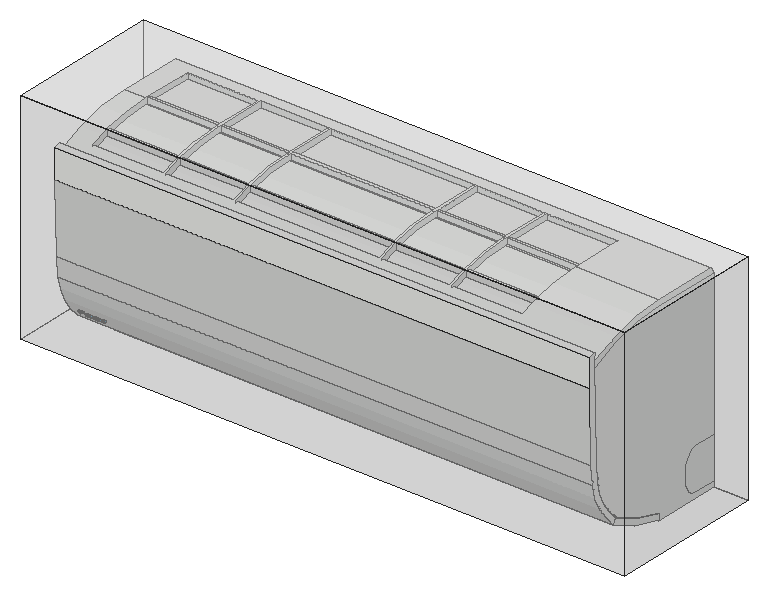
Revit family "outputfile", category 機械設備, Revit 2024
Family settings
  丸型コネクタ寸法 = 半径を使用
  パーツ タイプ = 標準
  OmniClass 番号 = 23.75.10.24.21.27.27
  OmniClass タイトル = Split System Air Conditioning Units
  作業面ベース = いいえ
  常に垂直 = はい
  ロード時にボイドで切り取り = いいえ
  注釈の向きを維持 = いいえ
  共有 = いいえ
  部屋計算ポイント = いいえ
Parameters (values of type "FTKQ20UVM4")
  Description = ""
  書き出し IFC クラス(タイプ) = "IfcUnitaryEquipmentType"
  定義済み IFC タイプ(タイプ) = "AIRCONDITIONINGUNIT"
  Cost = 0
  Type Comments = ""
  Keynote = ""
  Type Image = (empty or 0)
  Assembly Code = ""
  w_wall hole = if(Width = 770.0 mm, 48.0 mm, 60.0 mm)  # 48.0 mm
  製造元 = "Daikin"
  モデル = "FTKQ20UVM4"
  switch_frequency = yes
  r_Liquid Pipe Size = Liquid Pipe Size / 2  # 3.2 mm
  r_Gas Pipe Size = Gas Pipe Size / 2  # 4.75 mm
  r_Drain Pipe Size = Drain Pipe Size / 2  # 8.0 mm
  lw_powersupply [instance] = if(Width = 770.0 mm, if(or(Rear Right Connection_refrigerant, Bottom Right Connection_refrigerant), 25.0 mm, if(or(Rear Left Connection_refrigerant, Bottom Left Connection_refrigerant), 745.0 mm, 400.0 mm)), if(Width = 990.0 mm, if(or(Rear Right Connection_refrigerant, Bottom Right Connection_refrigerant), 40.0 mm, if(or(Rear Left Connection_refrigerant, Bottom Left Connection_refrigerant), 920.0 mm, 400.0 mm)), if(or(Rear Right Connection_refrigerant, Bottom Right Connection_refrigerant), 40.0 mm, if(or(Rear Left Connection_refrigerant, Bottom Left Connection_refrigerant), 920.0 mm, 400.0 mm))))  # 400.0 mm
  lw_liquidpipe [instance] = if(Width = 770.0 mm, if(or(Rear Right Connection_refrigerant, Bottom Right Connection_refrigerant), 0.0 mm, if(or(Rear Left Connection_refrigerant, Bottom Left Connection_refrigerant), 664.0 mm, 385.0 mm)), if(Width = 990.0 mm, if(or(Rear Right Connection_refrigerant, Bottom Right Connection_refrigerant), 0.0 mm, if(or(Rear Left Connection_refrigerant, Bottom Left Connection_refrigerant), 664.0 mm + (990.0 mm - 770.0 mm), 475.0 mm)), if(or(Rear Right Connection_refrigerant, Bottom Right Connection_refrigerant), 0.0 mm, if(or(Rear Left Connection_refrigerant, Bottom Left Connection_refrigerant), 664.0 mm + (990.0 mm - 770.0 mm), 475.0 mm))))  # 385.0 mm
  lw_gaspipe [instance] = if(Width = 770.0 mm, if(or(Rear Right Connection_refrigerant, Bottom Right Connection_refrigerant), 0.0 mm, if(or(Rear Left Connection_refrigerant, Bottom Left Connection_refrigerant), 675.0 mm, if(Gas Pipe Size = 12.7 mm, 345.0 mm, 335.0 mm))), if(Width = 990.0 mm, if(or(Rear Right Connection_refrigerant, Bottom Right Connection_refrigerant), 10.0 mm, if(or(Rear Left Connection_refrigerant, Bottom Left Connection_refrigerant), 890.0 mm, if(Gas Pipe Size = 15.9 mm, 400.0 mm, 400.0 mm))), if(or(Rear Right Connection_refrigerant, Bottom Right Connection_refrigerant), 10.0 mm, if(or(Rear Left Connection_refrigerant, Bottom Left Connection_refrigerant), 890.0 mm, if(Gas Pipe Size = 15.9 mm, 400.0 mm, 400.0 mm)))))  # 335.0 mm
  lw_drainpipe [instance] = if(Width = 770.0 mm, if(or(Rear Right Connection_refrigerant, Bottom Right Connection_refrigerant), 0.0 mm, if(or(Rear Left Connection_refrigerant, Bottom Left Connection_refrigerant), 770.0 mm - 48.0 mm - 48.0 mm, 440.0 mm)), if(Width = 990.0 mm, if(or(Rear Right Connection_refrigerant, Bottom Right Connection_refrigerant), 0.0 mm, if(or(Rear Left Connection_refrigerant, Bottom Left Connection_refrigerant), 675.0 mm + (990.0 mm - 770.0 mm), 435.0 mm)), if(or(Rear Right Connection_refrigerant, Bottom Right Connection_refrigerant), 0.0 mm, if(or(Rear Left Connection_refrigerant, Bottom Left Connection_refrigerant), 675.0 mm + (990.0 mm - 770.0 mm), 435.0 mm))))  # 440.0 mm
  l_powersupply_length [instance] = if(Width = 770.0 mm, if(Right Connection_refrigerant, 400.0 mm, if(Left Connection_refrigerant, 770.0 mm - 400.0 mm, if(or(Rear Left Connection_refrigerant, Rear Right Connection_refrigerant), 15.0 mm, 50.0 mm))), if(Width = 990.0 mm, if(Right Connection_refrigerant, 400.0 mm, if(Left Connection_refrigerant, 990.0 mm - 400.0 mm, if(or(Rear Left Connection_refrigerant, Rear Right Connection_refrigerant), 15.0 mm, 50.0 mm))), if(Right Connection_refrigerant, 400.0 mm, if(Left Connection_refrigerant, 990.0 mm - 400.0 mm, if(or(Rear Left Connection_refrigerant, Rear Right Connection_refrigerant), 15.0 mm, 50.0 mm)))))  # 400.0 mm
  l_liquidpipe_length [instance] = if(Width = 770.0 mm, if(Right Connection_refrigerant, 433.0 mm, if(Left Connection_refrigerant, 337.0 mm, if(or(Rear Left Connection_refrigerant, Rear Right Connection_refrigerant), 30.0 mm, 50.0 mm))), if(Width = 990.0 mm, if(Right Connection_refrigerant, 535.0 mm, if(Left Connection_refrigerant, 455.0 mm, if(or(Rear Left Connection_refrigerant, Rear Right Connection_refrigerant), 30.0 mm, 50.0 mm))), if(Right Connection_refrigerant, 535.0 mm, if(Left Connection_refrigerant, 455.0 mm, if(or(Rear Left Connection_refrigerant, Rear Right Connection_refrigerant), 30.0 mm, 50.0 mm)))))  # 433.0 mm
  l_gaspipe_length [instance] = if(Width = 770.0 mm, if(Right Connection_refrigerant, if(Gas Pipe Size = 12.7 mm, 393.0 mm, 383.0 mm), if(Left Connection_refrigerant, if(Gas Pipe Size = 12.7 mm, 770.0 mm - 393.0 mm, 770.0 mm - 383.0 mm), if(or(Rear Left Connection_refrigerant, Rear Right Connection_refrigerant), 40.0 mm, 40.0 mm))), if(Width = 990.0 mm, if(Right Connection_refrigerant, if(Gas Pipe Size = 15.9 mm, 460.0 mm, 460.0 mm), if(Left Connection_refrigerant, if(Gas Pipe Size = 15.9 mm, 990.0 mm - 460.0 mm, 990.0 mm - 460.0 mm), if(or(Rear Left Connection_refrigerant, Rear Right Connection_refrigerant), 40.0 mm, 40.0 mm))), if(Right Connection_refrigerant, if(Gas Pipe Size = 15.9 mm, 460.0 mm, 460.0 mm), if(Left Connection_refrigerant, if(Gas Pipe Size = 15.9 mm, 990.0 mm - 460.0 mm, 990.0 mm - 460.0 mm), if(or(Rear Left Connection_refrigerant, Rear Right Connection_refrigerant), 40.0 mm, 40.0 mm)))))  # 383.0 mm
  l_drainpipe_length [instance] = if(Width = 770.0 mm, if(Right Connection_refrigerant, 488.0 mm, if(Left Connection_refrigerant, 282.0 mm, if(or(Rear Left Connection_refrigerant, Rear Right Connection_refrigerant), 15.0 mm, 20.0 mm))), if(Width = 990.0 mm, if(Right Connection_refrigerant, 495.0 mm, if(Left Connection_refrigerant, 495.0 mm, if(or(Rear Left Connection_refrigerant, Rear Right Connection_refrigerant), 15.0 mm, 20.0 mm))), if(Right Connection_refrigerant, 495.0 mm, if(Left Connection_refrigerant, 495.0 mm, if(or(Rear Left Connection_refrigerant, Rear Right Connection_refrigerant), 15.0 mm, 20.0 mm)))))  # 488.0 mm
  h*** = 0.0 mm  # constant formula
  connector_voltage = Voltage_50Hz  # 230 V
  connector_powerinput = [Power Input (Cooling)]  # 0.000 kW
  connector_phase = Phase_50Hz  # 1
  angle_vertical [instance] = if(or(Bottom Left Connection_refrigerant, Bottom Right Connection_refrigerant), 0.00°, 90.00°)  # 90.00°
  angle_horizontal [instance] = if(Right Connection_refrigerant, 90.00°, if(Left Connection_refrigerant, -90.00°, if(or(Rear Left Connection_refrigerant, Rear Right Connection_refrigerant), 180.00°, 0.00°)))  # 90.00°
  Width = 770.0 mm
  Voltage_comment_50Hz = "220 - 240"
  Voltage_50Hz = 230 V
  Version = "ver.1.0"
  Unit Type = "Wall Mounted"
  Unit Mass Weight = 8.00 kg
  Unit Designation [instance] = ""
  Uniclass2015Version = "Products v1.30"
  Uniclass2015Title = "Split coil room air conditioning units"
  Uniclass2015Code = "Pr_70_65_03_86"
  URL = ""
  Total Cooling Capacity [instance] = 0.000 kW
  Sound Pressure Level_M speed (dBA) = 32
  Sound Pressure Level_L speed (dBA) = 27
  Sound Pressure Level_H speed (dBA) = 36
  Sound Power Level_H speed (dB) = 0
  Series = "Single Split_Fan Coil Unit"
  Sensible Cooling Capacity [instance] = 0.000 kW
  Refrigerant Type = "R32"
  Power Input (Cooling) = 0.000 kW
  Phase_50Hz = 1
  Option Accessory 3 [instance] = ""
  Option Accessory 2 [instance] = ""
  Option Accessory 1 [instance] = ""
  Nominal Cooling Capacity = 2.000 kW
  Minimum Circuit Amps_50Hz = 0.0 A
  Minimum Airflow = 426.00 m³/h
  Median Airflow = 504.00 m³/h
  Maximum Fuse Amps_50Hz = 0.0 A
  Maximum Airflow = 594.00 m³/h
  Material_Casing = DAIKIN_White_Casing_indoorunit
  Load Classification = HVAC
  Liquid Pipe Size = 6.4 mm
  Link_Nested Family [instance] = ""
  IfcVersion = ""
  IfcExportType = "AIRCONDITIONINGUNIT"
  IfcExportAs = "IfcUnitaryEquipmentType"
  Height = 285.0 mm
  Heat Exchanger Type = "Cross Fin Coil"
  Gas Pipe Size = 9.5 mm
  Frequency_50Hz = 50 Hz
  Fan Type = "Cross Flow Fan"
  Fan Drive = "Direct Drive"
  FCU Tag No. [instance] = ""
  Drain Pipe Size = 16.0 mm
  Design Supply Airflow [instance] = 0.00 m³/h
  Depth = 223.0 mm
  既定の高さ = 0.0 mm
  Cooling Entering Wet Bulb Temperature [instance] = 0.00 °C
  Cooling Entering Dry Bulb Temperature [instance] = 0.00 °C
  Cooling Ambient Wet Bulb Temperature [instance] = 0.00 °C
  Cooling Ambient Dry Bulb Temperature [instance] = 0.00 °C
  Clearance visibility [instance] = yes
  Clearance Top = 30.0 mm
  Clearance Right = 50.0 mm
  Clearance Rear = 0.0 mm
  Clearance Left = 50.0 mm
  Clearance Front = 0.0 mm
  Clearance Bottom = 0.0 mm
  Bottom Right Connection_refrigerant [instance] = no
  Bottom Left Connection_refrigerant [instance] = no
  Rear Right Connection_refrigerant [instance] = no
  Rear Left Connection_refrigerant [instance] = no
  Right Connection_refrigerant [instance] = yes
  Left Connection_refrigerant [instance] = no
Reference planes
  plane 1 "Back": y = 0
  plane 2: z = 0
  plane 3 "Center (Left/Right)": x = 0
  plane 4 "Center (Front/Back)": y = -111.5
  plane 5 "Front": y = -223
  plane 6 "Left": x = -385
  plane 7 "Right": x = 385
  plane 8 "Top": z = 0
  plane 9 "Bottom": z = -285
  plane 10: x = -435
  plane 11: x = 435
  plane 12: y = 0
  plane 13: y = -223
  plane 14: z = 30
  plane 15: z = -285
  plane 16 "lw_Piping and Wiring intake": x = 337
  plane 17 "lw_gaspipe": x = 2
  plane 18 "lw_liquidpipe": x = -48
  plane 19 "lw_drainpipe": x = -103
  plane 20 "lh_drainpipe": z = -265
  plane 21 "lh_liquidpipe": z = -235
  plane 22 "lh_gaspipe": z = -245
  plane 23 "ld_drainpipe": y = -15
  plane 24 "ld_liquidpipe": y = -30
  plane 25 "ld_gaspipe": y = -40
  plane 26 "lw_powersupply": x = -15
Dimensions and locks
  equal spacing: plane 6 "Left", plane 3 "Center (Left/Right)", plane 7 "Right"
  "Width": plane 6 "Left" to plane 7 "Right"
  equal spacing: plane 5 "Front", plane 4 "Center (Front/Back)", plane 1 "Back"
  "Depth": plane 5 "Front" to plane 1 "Back"
  "Height": plane 8 "Top" to plane 9 "Bottom"
  "Clearance Rear": plane 12 to plane 1 "Back"
  "Clearance Front": plane 13 to plane 5 "Front"
  "Clearance Top": plane 14 to plane 8 "Top"
  "Clearance Bottom": plane 9 "Bottom" to plane 15
  "w_wall hole": plane 16 "lw_Piping and Wiring intake" to plane 7 "Right"
  "lw_gaspipe": plane 17 "lw_gaspipe" to plane 16 "lw_Piping and Wiring intake"
  "lw_liquidpipe": plane 18 "lw_liquidpipe" to plane 16 "lw_Piping and Wiring intake"
  "lw_drainpipe": plane 19 "lw_drainpipe" to plane 16 "lw_Piping and Wiring intake"
  locked: plane 20 "lh_drainpipe" to plane 9 "Bottom" at 20
  locked: plane 21 "lh_liquidpipe" to plane 9 "Bottom" at 50
  locked: plane 22 "lh_gaspipe" to plane 9 "Bottom" at 40
  locked: plane 23 "ld_drainpipe" to plane 1 "Back" at 15
  locked: plane 1 "Back" to plane 24 "ld_liquidpipe" at 30
  locked: plane 1 "Back" to plane 25 "ld_gaspipe" at 40
  "lw_powersupply": plane 26 "lw_powersupply" to plane 7 "Right"
  "Clearance Left": plane 10 to plane 6 "Left"
  "Clearance Right": plane 7 "Right" to plane 11
  aligned and locked: level to plane 2
  aligned and locked: plane 12 to nested 1
  aligned and locked: nested 1 to plane 13
  aligned and locked: plane 10 to nested 1
  aligned and locked: plane 11 to nested 1
  aligned and locked: plane 15 to nested 1
  aligned and locked: plane 14 to nested 1
  aligned and locked: plane 17 "lw_gaspipe" to nested 2
  aligned and locked: nested 2 to plane 25 "ld_gaspipe"
  aligned and locked: plane 18 "lw_liquidpipe" to nested 3
  aligned and locked: nested 3 to plane 24 "ld_liquidpipe"
  aligned and locked: plane 19 "lw_drainpipe" to nested 4
  aligned and locked: nested 4 to plane 23 "ld_drainpipe"
  aligned and locked: nested 5 to plane 23 "ld_drainpipe"
  aligned and locked: plane 26 "lw_powersupply" to nested 5
  aligned and locked: level to plane 8 "Top"
  aligned and locked: plane 3 "Center (Left/Right)" to nested 6
  aligned and locked: plane 1 "Back" to nested 6
  aligned and locked: plane 8 "Top" to nested 6
Nested families
  nested 1: "daikin_clearancespace" at (0, -111.5, -127.381), show <- "Clearance visibility", visible <- "Clearance visibility", Link_Nested Family <- "Link_Nested Family", type "daikin_clearancespace"
    with width 870.0 mm, show yes, height 315.0 mm, depth 223.0 mm, Link_Nested Family ""
  nested 2: "daikin_connector_rotate3" at (2, -40, -245), angle_vertical <- "angle_vertical", angle_horizontal <- "angle_horizontal", length <- "l_gaspipe_length", radius <- "r_Gas Pipe Size", type "daikin_connector_rotate3"
    with show no, radius 4.75 mm, length 383.0 mm, angle_vertical 90.00°, angle_horizontal 90.00°
  nested 3: "daikin_connector_rotate3" at (-48, -30, -235), angle_vertical <- "angle_vertical", angle_horizontal <- "angle_horizontal", radius <- "r_Liquid Pipe Size", length <- "l_liquidpipe_length", type "daikin_connector_rotate3"
    with show no, radius 3.2 mm, length 433.0 mm, angle_vertical 90.00°, angle_horizontal 90.00°
  nested 4: "daikin_connector_rotate3" at (-103, -15, -265), angle_vertical <- "angle_vertical", angle_horizontal <- "angle_horizontal", length <- "l_drainpipe_length", radius <- "r_Drain Pipe Size", type "daikin_connector_rotate3"
    with show no, radius 8.0 mm, length 488.0 mm, angle_vertical 90.00°, angle_horizontal 90.00°
  nested 5: "daikin_connector_rotate3" at (-15, -15, -235), angle_vertical <- "angle_vertical", angle_horizontal <- "angle_horizontal", length <- "l_powersupply_length", type "daikin_connector_rotate3"
    with show no, radius 10.0 mm, length 400.0 mm, angle_vertical 90.00°, angle_horizontal 90.00°
  nested 6: "DAIKIN_indoorunit_FTKQ-UVM4" at (-31, 0, 0), type "FTKQ-UVM4"
Connectors
  piping at (385, -40, -245), diameter 9.5, driven by "r_Gas Pipe Size"
    settings: on nested 2, index 1, connector inside diameter 609.6 mm, connector length 0.0 mm, flow factor 0, pipe flow 0.00 m³/h, pressure drop 0.0 Pa, fitting loss kfactor 0, connector angle 0.00°, fixture units 0, engagement length 0.0 mm, angle of deflection 0.00°, flow configuration 1, flow direction 2, fitting loss method 0, system type 29, joint type 0, gender type 0, connector reference index -1, connector utility 0, adjustable connector no, is connector primary yes, connector description "Refrigerant Gas Piping"
  piping at (385, -30, -235), diameter 6.4, driven by "r_Liquid Pipe Size"
    settings: on nested 3, index 2, connector inside diameter 609.6 mm, connector length 0.0 mm, flow factor 0, pipe flow 0.00 m³/h, pressure drop 0.0 Pa, fitting loss kfactor 0, connector angle 0.00°, fixture units 0, engagement length 0.0 mm, angle of deflection 0.00°, flow configuration 1, flow direction 1, fitting loss method 0, system type 29, joint type 0, gender type 0, connector reference index -1, connector utility 0, adjustable connector no, is connector primary no, connector description "Refrigerant Liquid Piping"
  piping at (385, -15, -265), diameter 16, driven by "r_Drain Pipe Size"
    settings: on nested 4, index 3, connector inside diameter 609.6 mm, connector length 0.0 mm, flow factor 0, pipe flow 0.00 m³/h, pressure drop 0.0 Pa, fitting loss kfactor 0, connector angle 0.00°, fixture units 0, engagement length 0.0 mm, angle of deflection 0.00°, flow configuration 1, flow direction 2, fitting loss method 4, system type 16, joint type 0, gender type 0, connector reference index -1, connector utility 0, adjustable connector no, is connector primary no, connector description "Condensate Drain Piping"
  electrical at (385, -15, -235), driven by "Load Classification", driven by "connector_powerinput", driven by "connector_phase", driven by "connector_voltage"
    settings: on nested 5, index 4, voltage 230 V, apparent load 0 VA, apparent load phase1 0 VA, apparent load phase2 0 VA, apparent load phase3 0 VA, power factor 1, load classification "HVAC", number of poles 1, system type 30, power factor state 1, is connector primary yes, connector utility no, sub classification motor no, connector description "Power Supply"
Definition of nested family "daikin_clearancespace"
  Parameters (values of type "daikin_clearancespace")
    Description = "daikin_clearancespace"
    width [instance] = 1823.963 mm
    show [instance] = yes
    material = none
    height [instance] = 1359.762 mm
    depth [instance] = 880.0 mm
    Default Elevation = 0.0 mm
    Link_Nested Family [instance] = ""
  Reference planes
    plane 1 "Center (Front/Back)": y = 0
    plane 2 "Center (Elevation)": z = -0.119
    plane 3 "Center (Left/Right)": x = 0
    plane 4: y = 440
    plane 5: y = -440
    plane 6 "Right": x = 911.982
    plane 7 "Left": x = -911.982
    plane 8 "Top": z = 679.762
    plane 9 "Bottom": z = -680
  Forms (mm)
    Extrusion 1, solid, material <- "material", visible <- "show"
      sketch origin (0, 0, 0) x (1, 0, 0) y (0, 1, 0)
        loop
          line (-911.982, 440) -> (-911.982, -440) -> (911.982, -440) -> (911.982, 440) -> (-911.982, 440)
      from -680 to 679.762
  Lines and regions (mm)
    symbolic lines, visible <- "show"
      curve 1: line (911.982, 440, 0) -> (-911.982, 440, 0)
      curve 2: line (-911.982, 440, 0) -> (-911.982, -440, 0)
      curve 3: line (-911.982, -440, 0) -> (911.982, -440, 0)
      curve 4: line (911.982, -440, 0) -> (911.982, 440, 0)
      curve 5: line (911.982, 0, 679.762) -> (-911.982, 0, 679.762)
      curve 6: line (911.982, 0, -680) -> (911.982, 0, 679.762)
      curve 7: line (-911.982, 0, -680) -> (911.982, 0, -680)
      curve 8: line (-911.982, 0, 679.762) -> (-911.982, 0, -680)
      curve 9: line (0, 440, 679.762) -> (0, -440, 679.762)
      curve 10: line (0, -440, 679.762) -> (0, -440, -680)
      curve 11: line (0, 440, -680) -> (0, 440, 679.762)
      curve 12: line (0, -440, -680) -> (0, 440, -680)
  Dimensions and locks
    "width": plane 7 "Left" to plane 6 "Right"
    "depth": plane 4 to plane 5
    "height": plane 8 "Top" to plane 9 "Bottom"
    equal spacing: plane 7 "Left", plane 3 "Center (Left/Right)", plane 6 "Right"
    equal spacing: plane 4, plane 1 "Center (Front/Back)", plane 5
    equal spacing: plane 8 "Top", plane 2 "Center (Elevation)", plane 9 "Bottom"
    aligned and locked: level to plane 2 "Center (Elevation)"
    aligned and locked: Extrusion 1 sketch curve to plane 4
    aligned and locked: plane 7 "Left" to Extrusion 1 sketch curve
    aligned and locked: Extrusion 1 sketch curve to plane 5
    aligned and locked: Extrusion 1 sketch curve to plane 6 "Right"
    aligned and locked: plane 8 "Top" to Extrusion 1
    aligned and locked: curve 1 to Extrusion 1
    aligned and locked: curve 2 to Extrusion 1
    aligned and locked: curve 3 to Extrusion 1
    aligned and locked: curve 4 to Extrusion 1
    aligned and locked: curve 5 to Extrusion 1
    aligned and locked: curve 6 to Extrusion 1
    aligned and locked: curve 7 to Extrusion 1
    aligned and locked: curve 8 to Extrusion 1
    aligned and locked: curve 9 to Extrusion 1
    aligned and locked: curve 10 to Extrusion 1
    aligned and locked: curve 11 to Extrusion 1
    aligned and locked: curve 12 to Extrusion 1
    aligned and locked: Extrusion 1 to plane 9 "Bottom"
Definition of nested family "DAIKIN_indoorunit_FTKQ-UVM4"
  Parameters (values of type "FTKQ-UVM4")
    Material_Casing = none
    Default Elevation = 0.0 mm
  Reference planes
    plane 1 "Center (Front/Back)": y = 0
    plane 2 "reference_level": z = 0
    plane 3 "Center (Left/Right)": x = 31
    plane 4: x = -354
    plane 5: x = 416
    plane 6: z = -285
  Forms (mm)
    Extrusion 1, solid, material <- "Material_Casing"
      sketch origin (29, 0, 0) x (0, 1, 0) y (0, 0, 1)
        loop
          line (-5, 0) -> (-98, 0)
          arc (-98, 0) -> (-157.611, -7.211) -> (-213.783, -28.427) r 250
          arc (-213.783, -28.427) -> (-213.842, -32.972) -> (-213.892, -37.516) r 2191
          arc (-213.892, -37.516) -> (-157.832, -15.495) -> (-98.07, -8) r 242
          line (-98.07, -8) -> (0, -8) -> (-5, 0)
      from -383 to 387
    Extrusion 2, solid, material <- "Material_Casing"
      sketch origin (416, 1296.25, 1200) x (0, 1, 0) y (0, 0, 1)
        loop
          line (-1472.998, -1446.91) -> (-1476.998, -1453.839)
          arc (-1476.998, -1453.839) -> (-1437.481, -1472.422) -> (-1395.25, -1483.538) r 240
          line (-1395.25, -1483.538) -> (-1395.25, -1475.422)
          arc (-1395.25, -1475.422) -> (-1435.407, -1464.663) -> (-1472.998, -1446.91) r 232
      from 0 to -47.5
    Extrusion 3, solid, material <- "Material_Casing"
      sketch origin (29, 0, 0) x (0, 1, 0) y (0, 0, 1)
        loop
          arc (-223, -60.455) -> (-222.414, -110.646) -> (-220.656, -160.81) r 2149.92
          arc (-220.656, -160.81) -> (-219.65, -174.299) -> (-217.853, -187.706) r 229.911
          arc (-217.853, -187.706) -> (-205.371, -223.594) -> (-181.517, -253.17) r 111
          line (-181.517, -253.17) -> (-177.429, -246.093)
          arc (-177.429, -246.093) -> (-198.77, -218.989) -> (-209.965, -186.36) r 103
          arc (-209.965, -186.36) -> (-211.681, -173.586) -> (-212.651, -160.735) r 221.844
          arc (-212.651, -160.735) -> (-214.739, -93.233) -> (-214.74, -25.699) r 2186.828
          arc (-214.74, -25.699) -> (-214.671, -21.467) -> (-214.594, -17.235) r 2192
          line (-214.594, -17.235) -> (-223, -19.961) -> (-223, -60.455)
      from -383 to 387
    Extrusion 4, solid, material <- "Material_Casing"
      sketch origin (29, 0, -20) x (0, 1, 0) y (0, 0, 1)
        loop
          line (0, -265) -> (0, 12) -> (-98.07, 12)
          arc (-98.07, 12) -> (-157.832, 4.505) -> (-213.892, -17.516) r 242
          arc (-213.892, -17.516) -> (-213.638, -79.114) -> (-211.653, -140.681) r 2191
          arc (-211.653, -140.681) -> (-210.685, -153.501) -> (-208.973, -166.243) r 221
          arc (-208.973, -166.243) -> (-197.471, -199.282) -> (-175.482, -226.491) r 102
          arc (-175.482, -226.491) -> (-138.004, -244.019) -> (-98, -254.579) r 231
          line (-98, -254.579) -> (-98, -265) -> (0, -265)
      from -383 to 387
    Extrusion 5, solid, material <- "Material_Casing"
      sketch origin (-354, 1296.25, 1200) x (0, 1, 0) y (0, 0, 1)
        loop
          line (-1472.998, -1446.91) -> (-1476.998, -1453.839)
          arc (-1476.998, -1453.839) -> (-1437.481, -1472.422) -> (-1395.25, -1483.538) r 240
          line (-1395.25, -1483.538) -> (-1395.25, -1475.422)
          arc (-1395.25, -1475.422) -> (-1435.407, -1464.663) -> (-1472.998, -1446.91) r 232
      from 47 to 0
    Extrusion 6, solid, material <- "Material_Casing"
      sketch origin (416, 1296.25, 1200) x (0, 1, 0) y (0, 0, 1)
        loop
          line (-1472.998, -1446.91) -> (-1476.998, -1453.839)
          arc (-1476.998, -1453.839) -> (-1443.437, -1470.168) -> (-1407.75, -1481.097) r 240
          line (-1407.75, -1481.097) -> (-1407.75, -1472.894)
          arc (-1407.75, -1472.894) -> (-1441.363, -1462.385) -> (-1472.998, -1446.91) r 232
      from -116.993 to -48.493
    Extrusion 7, solid, material <- "Material_Casing"
      sketch origin (416, 1296.25, 1200) x (0, 1, 0) y (0, 0, 1)
        loop
          line (-1472.998, -1446.91) -> (-1476.998, -1453.839)
          arc (-1476.998, -1453.839) -> (-1443.437, -1470.168) -> (-1407.75, -1481.097) r 240
          line (-1407.75, -1481.097) -> (-1407.75, -1472.894)
          arc (-1407.75, -1472.894) -> (-1441.363, -1462.385) -> (-1472.998, -1446.91) r 232
      from -717 to -121.993
    Extrusion 8, void
      sketch origin (31, 0, -235) x (1, 0, 0) y (0, 1, 0)
        loop
          line (-252.674, -22.316) -> (-354.941, -22.316) -> (-354.941, -91.341) -> (-252.674, -91.341) -> (-252.674, -22.316)
        loop
          line (-249.341, -91.341) -> (-151.574, -91.341) -> (-151.574, -22.316) -> (-249.341, -22.316) -> (-249.341, -91.341)
        loop
          line (58.309, -22.316) -> (-148.309, -22.316) -> (-148.309, -91.341) -> (58.309, -91.341) -> (58.309, -22.316)
        loop
          line (61.689, -22.316) -> (61.689, -91.341) -> (159.457, -91.341) -> (159.457, -22.316) -> (61.689, -22.316)
        loop
          line (162.789, -22.316) -> (162.789, -91.341) -> (265.057, -91.341) -> (265.057, -22.316) -> (162.789, -22.316)
        loop
          line (-354.941, -94.659) -> (-354.941, -165.259) -> (-252.674, -165.259) -> (-252.674, -94.659) -> (-354.941, -94.659)
        loop
          line (-249.341, -94.659) -> (-249.341, -165.259) -> (-151.574, -165.259) -> (-151.574, -94.659) -> (-249.341, -94.659)
        loop
          line (-148.309, -94.659) -> (-148.309, -165.259) -> (58.309, -165.259) -> (58.309, -94.659) -> (-148.309, -94.659)
        loop
          line (61.689, -94.659) -> (61.689, -165.259) -> (159.457, -165.259) -> (159.457, -94.659) -> (61.689, -94.659)
        loop
          line (162.789, -94.659) -> (162.789, -165.259) -> (265.057, -165.259) -> (265.057, -94.659) -> (162.789, -94.659)
        loop
          line (-354.941, -167.382) -> (-354.941, -192.681) -> (-252.674, -192.681) -> (-252.674, -167.382) -> (-354.941, -167.382)
        loop
          line (-249.341, -167.382) -> (-249.341, -192.681) -> (-151.574, -192.681) -> (-151.574, -167.382) -> (-249.341, -167.382)
        loop
          line (-148.309, -167.382) -> (-148.309, -192.681) -> (58.309, -192.681) -> (58.309, -167.382) -> (-148.309, -167.382)
        loop
          line (159.457, -167.382) -> (61.689, -167.382) -> (61.689, -192.681) -> (159.457, -192.681) -> (159.457, -167.382)
        loop
          line (265.057, -167.382) -> (162.789, -167.382) -> (162.789, -192.681) -> (265.057, -192.681) -> (265.057, -167.382)
      from 201.638 to 250
    Extrusion 9, solid, material <- "Material_Casing"
      sketch origin (31, 0, 0) x (1, 0, 0) y (0, 0, 1)
        loop
          circle (337, -240.5) r 32.5
        loop
          circle (-337, -240.5) r 32.5
      from 0 to 5
    Extrusion 10, solid, material <- "Material_Casing"
      sketch origin (416, 1296.25, 1200) x (0, -1, 0) y (0, 0, 1)
        loop
          line (1326.25, -1417) -> (1296.25, -1417) -> (1296.25, -1477) -> (1326.25, -1477)
          arc (1326.25, -1477) -> (1340.393, -1471.142) -> (1346.25, -1457) r 20
          line (1346.25, -1457) -> (1346.25, -1437)
          arc (1346.25, -1437) -> (1340.393, -1422.858) -> (1326.25, -1417) r 20
      from 0 to 5
    Extrusion 11, solid, material <- "Material_Casing"
      sketch origin (-354, 1296.25, 1200) x (0, 1, 0) y (0, 0, 1)
        loop
          line (-1296.25, -1417) -> (-1326.25, -1417)
          arc (-1326.25, -1417) -> (-1340.393, -1422.858) -> (-1346.25, -1437) r 20
          line (-1346.25, -1437) -> (-1346.25, -1457)
          arc (-1346.25, -1457) -> (-1340.393, -1471.142) -> (-1326.25, -1477) r 20
          line (-1326.25, -1477) -> (-1296.25, -1477) -> (-1296.25, -1417)
      from 0 to 5
    Extrusion 12, solid, material <- "Material_Casing"
      sketch origin (31, 0, -285) x (-1, 0, 0) y (0, -1, 0)
        loop
          line (-314, 0) -> (-314, 30)
          arc (-314, 30) -> (-319.858, 44.142) -> (-334, 50) r 20
          line (-334, 50) -> (-354, 50)
          arc (-354, 50) -> (-368.142, 44.142) -> (-374, 30) r 20
          line (-374, 30) -> (-374, 0) -> (-314, 0)
        loop
          line (374, 0) -> (374, 30)
          arc (374, 30) -> (368.142, 44.142) -> (354, 50) r 20
          line (354, 50) -> (334, 50)
          arc (334, 50) -> (319.858, 44.142) -> (314, 30) r 20
          line (314, 30) -> (314, 0) -> (374, 0)
      from 0 to 5
  Cuts and joins
    Extrusion 8 cuts Extrusion 1
  Lines and regions (mm)
    reference lines
      curve 1: line (-523, -201.911, -229.404) -> (-523, -193.542, -239.977)
  Dimensions and locks
    locked: Extrusion 10 sketch curve to Extrusion 10 sketch curve at 60
    locked: Extrusion 10 sketch curve to Extrusion 10 sketch curve at 50
    locked: Extrusion 12 sketch curve to Extrusion 12 sketch curve at 60  (x2)
    locked: Extrusion 12 sketch curve to Extrusion 12 sketch curve at 50
    equal spacing: plane 5, plane 3 "Center (Left/Right)", plane 4
    plane 5 to plane 4 = 770.0 mm
    locked: Extrusion 9 sketch curve to plane 4 at 48
    plane 5 to Extrusion 9 sketch curve = 48.0 mm
    plane 2 "reference_level" to plane 6 = 285.0 mm
    locked: Extrusion 9 sketch curve to plane 6 at 44.5  (x2)
    diameter of Extrusion 9 sketch curve = 65.0 mm  (x2)
    aligned and locked: level to plane 2 "reference_level"
    aligned and locked: nested 1 to curve 1
    aligned and locked: Extrusion 11 sketch curve to Extrusion 10  (x4)
    aligned and locked: Extrusion 12 sketch curve to Extrusion 12 sketch curve  (x2)
    aligned and locked: Extrusion 9 to plane 1 "Center (Front/Back)"
  Automatic sketch dimensions
    curve 1 to level = 239.977 mm
    plane 1 "Center (Front/Back)" to curve 1 = 193.542 mm
    curve 1 to curve 1 = 10.573 mm
    curve 1 to curve 1 = 8.368 mm
    Extrusion 1 sketch curve to level = 0.0 mm
    Extrusion 1 sketch curve to plane 1 "Center (Front/Back)" = 0.0 mm
    plane 1 "Center (Front/Back)" to Extrusion 1 sketch curve = 5.0 mm
    plane 1 "Center (Front/Back)" to Extrusion 1 sketch curve = 98.0 mm
    Extrusion 1 sketch curve to Extrusion 1 sketch curve = 0.07 mm
    Extrusion 1 sketch curve to level = 59.292 mm
    Extrusion 1 sketch curve to plane 1 "Center (Front/Back)" = 1977.0 mm
    Extrusion 1 sketch curve to level = 250.0 mm
    Extrusion 1 sketch curve to Extrusion 1 sketch curve = 0.0 mm
    Extrusion 1 sketch curve to level = 8.0 mm
    Extrusion 1 sketch curve to level = 28.427 mm
    plane 1 "Center (Front/Back)" to Extrusion 2 sketch curve = 180.748 mm
    Extrusion 2 sketch curve to Extrusion 2 sketch curve = 4.0 mm
    Extrusion 2 sketch curve to Extrusion 2 sketch curve = 77.747 mm
    plane 1 "Center (Front/Back)" to Extrusion 2 sketch curve = 59.279 mm
    Extrusion 2 sketch curve to Extrusion 2 sketch curve = 0.0 mm
    Extrusion 2 sketch curve to level = 283.538 mm
    Extrusion 2 sketch curve to Extrusion 2 sketch curve = 8.116 mm
    Extrusion 2 sketch curve to Extrusion 2 sketch curve = 21.583 mm
    Extrusion 2 sketch curve to Extrusion 2 sketch curve = 6.929 mm
    Extrusion 3 sketch curve to level = 19.961 mm
    plane 1 "Center (Front/Back)" to Extrusion 3 sketch curve = 223.0 mm
    Extrusion 3 sketch curve to level = 17.235 mm
    Extrusion 3 sketch curve to Extrusion 3 sketch curve = 8.406 mm
    plane 1 "Center (Front/Back)" to Extrusion 3 sketch curve = 181.517 mm
    Extrusion 3 sketch curve to Extrusion 3 sketch curve = 4.087 mm
    Extrusion 3 sketch curve to Extrusion 3 sketch curve = 69.11 mm
    Extrusion 3 sketch curve to Extrusion 3 sketch curve = 0.001 mm
    Extrusion 3 sketch curve to plane 1 "Center (Front/Back)" = 8.955 mm
    Extrusion 3 sketch curve to Extrusion 3 sketch curve = 0.067 mm
    Extrusion 3 sketch curve to level = 60.455 mm
    Extrusion 3 sketch curve to Extrusion 3 sketch curve = 1917.898 mm
    Extrusion 3 sketch curve to Extrusion 3 sketch curve = 44.907 mm
    Extrusion 3 sketch curve to Extrusion 3 sketch curve = 5.172 mm
    Extrusion 3 sketch curve to level = 150.456 mm
    Extrusion 3 sketch curve to Extrusion 3 sketch curve = 0.006 mm
    Extrusion 3 sketch curve to Extrusion 3 sketch curve = 19.265 mm
    Extrusion 3 sketch curve to Extrusion 3 sketch curve = 0.004 mm
    Extrusion 3 sketch curve to Extrusion 3 sketch curve = 76.368 mm
    Extrusion 3 sketch curve to Extrusion 3 sketch curve = 7.077 mm
    Extrusion 3 sketch curve to Extrusion 3 sketch curve = 1.002 mm
    Extrusion 3 sketch curve to Extrusion 3 sketch curve = 0.046 mm
    Extrusion 3 sketch curve to Extrusion 3 sketch curve = 8.005 mm
    Extrusion 3 sketch curve to Extrusion 3 sketch curve = 0.147 mm
    Extrusion 3 sketch curve to Extrusion 3 sketch curve = 0.0 mm
    Extrusion 4 sketch curve to plane 1 "Center (Front/Back)" = 0.0 mm
    plane 1 "Center (Front/Back)" to Extrusion 4 sketch curve = 59.278 mm
    Extrusion 4 sketch curve to Extrusion 4 sketch curve = 98.0 mm
    Extrusion 4 sketch curve to Extrusion 4 sketch curve = 0.0 mm  (x3)
    Extrusion 4 sketch curve to level = 8.0 mm
    Extrusion 4 sketch curve to Extrusion 4 sketch curve = 38.791 mm
    Extrusion 4 sketch curve to Extrusion 4 sketch curve = 10.249 mm
    Extrusion 4 sketch curve to plane 1 "Center (Front/Back)" = 9.11 mm
    Extrusion 4 sketch curve to level = 59.292 mm
    Extrusion 4 sketch curve to Extrusion 4 sketch curve = 1967.89 mm
    Extrusion 4 sketch curve to Extrusion 4 sketch curve = 142.454 mm
    Extrusion 4 sketch curve to Extrusion 4 sketch curve = 19.271 mm
    Extrusion 4 sketch curve to Extrusion 4 sketch curve = 80.275 mm
    Extrusion 4 sketch curve to Extrusion 4 sketch curve = 24.579 mm
    Extrusion 4 sketch curve to Extrusion 4 sketch curve = 10.421 mm
    Extrusion 4 sketch curve to level = 46.847 mm
    Extrusion 4 sketch curve to Extrusion 4 sketch curve = 77.412 mm
    Extrusion 4 sketch curve to Extrusion 4 sketch curve = 33.49 mm
    Extrusion 4 sketch curve to Extrusion 4 sketch curve = 2.68 mm
    plane 1 "Center (Front/Back)" to Extrusion 5 sketch curve = 180.748 mm
    Extrusion 5 sketch curve to Extrusion 5 sketch curve = 4.0 mm
    Extrusion 5 sketch curve to Extrusion 5 sketch curve = 77.747 mm
    plane 1 "Center (Front/Back)" to Extrusion 5 sketch curve = 59.279 mm
    Extrusion 5 sketch curve to Extrusion 5 sketch curve = 0.0 mm
    Extrusion 5 sketch curve to level = 283.538 mm
    Extrusion 5 sketch curve to Extrusion 5 sketch curve = 8.116 mm
    Extrusion 5 sketch curve to Extrusion 5 sketch curve = 21.583 mm
    Extrusion 5 sketch curve to Extrusion 5 sketch curve = 6.929 mm
    plane 1 "Center (Front/Back)" to Extrusion 6 sketch curve = 180.748 mm
    Extrusion 6 sketch curve to Extrusion 6 sketch curve = 4.0 mm
    Extrusion 6 sketch curve to Extrusion 6 sketch curve = 65.247 mm
    plane 1 "Center (Front/Back)" to Extrusion 6 sketch curve = 59.279 mm
    Extrusion 6 sketch curve to Extrusion 6 sketch curve = 0.0 mm
    Extrusion 6 sketch curve to level = 281.097 mm
    Extrusion 6 sketch curve to Extrusion 6 sketch curve = 8.203 mm
    Extrusion 6 sketch curve to Extrusion 6 sketch curve = 19.055 mm
    Extrusion 6 sketch curve to Extrusion 6 sketch curve = 6.929 mm
    plane 1 "Center (Front/Back)" to Extrusion 7 sketch curve = 180.748 mm
    Extrusion 7 sketch curve to Extrusion 7 sketch curve = 4.0 mm
    Extrusion 7 sketch curve to Extrusion 7 sketch curve = 65.247 mm
    plane 1 "Center (Front/Back)" to Extrusion 7 sketch curve = 59.279 mm
    Extrusion 7 sketch curve to Extrusion 7 sketch curve = 0.0 mm
    Extrusion 7 sketch curve to level = 281.097 mm
    Extrusion 7 sketch curve to Extrusion 7 sketch curve = 8.203 mm
    Extrusion 7 sketch curve to Extrusion 7 sketch curve = 19.055 mm
    Extrusion 7 sketch curve to Extrusion 7 sketch curve = 6.929 mm
    plane 1 "Center (Front/Back)" to Extrusion 8 sketch curve = 165.259 mm  (x2)
    Extrusion 8 sketch curve to plane 3 "Center (Left/Right)" = 354.941 mm
    plane 1 "Center (Front/Back)" to Extrusion 8 sketch curve = 22.316 mm  (x3)
    Extrusion 8 sketch curve to Extrusion 8 sketch curve = 0.0 mm  (x26)
    Extrusion 8 sketch curve to Extrusion 8 sketch curve = 102.268 mm  (x2)
    Extrusion 8 sketch curve to Extrusion 8 sketch curve = 3.332 mm  (x4)
    Extrusion 8 sketch curve to Extrusion 8 sketch curve = 97.768 mm  (x2)
    Extrusion 8 sketch curve to Extrusion 8 sketch curve = 3.264 mm  (x3)
    plane 3 "Center (Left/Right)" to Extrusion 8 sketch curve = 58.309 mm
    Extrusion 8 sketch curve to Extrusion 8 sketch curve = 3.38 mm  (x3)
    Extrusion 8 sketch curve to Extrusion 8 sketch curve = 2.124 mm  (x6)
    Extrusion 8 sketch curve to Extrusion 8 sketch curve = 25.299 mm  (x2)
    Extrusion 8 sketch curve to Extrusion 8 sketch curve = 70.6 mm
    Extrusion 8 sketch curve to Extrusion 8 sketch curve = 3.317 mm  (x4)
    Extrusion 10 sketch curve to plane 1 "Center (Front/Back)" = 0.0 mm
    Extrusion 10 sketch curve to Extrusion 10 sketch curve = 20.0 mm  (x2)
    Extrusion 10 sketch curve to level = 277.0 mm
    plane 1 "Center (Front/Back)" to Extrusion 12 sketch curve = 0.0 mm
    plane 3 "Center (Left/Right)" to Extrusion 12 sketch curve = 374.0 mm
    Extrusion 12 sketch curve to Extrusion 12 sketch curve = 20.0 mm  (x3)
    plane 1 "Center (Front/Back)" to Extrusion 12 sketch curve = 30.0 mm
    Extrusion 12 sketch curve to plane 3 "Center (Left/Right)" = 314.0 mm
  Nested families
    nested 1: "daikin_logo_plane_w40" at (-320, -198.871, -233.244) x (1, 0, 0) z (0, -0.7841, -0.6206), type "daikin_logo_plane_w40"
      with show_logo yes
  Definition of nested family "daikin_logo_plane_w40"
    Parameters (values of type "daikin_logo_plane_w40")
      width = 40.0 mm
      show_logo [instance] = yes
      material = none
      height = 0.0 mm
      depth = 0.0 mm
      Default Elevation = 1219.2 mm
    Reference planes
      plane 1 "Center (Front/Back)": y = 0
      plane 2: z = 0
      plane 3 "Center (Left/Right)": x = 0
      plane 4: z = 2
      plane 5 "left": x = -19
      plane 6: x = 19
    Forms (mm)
      Extrusion 1, solid, visible <- "show_logo"
        sketch origin (-19, 0, 0) x (1, 0, 0) y (0, 1, 0)
          loop
            line (8.902, -1.878) -> (7.789, -6.332) -> (11.13, -6.332)
            arc (11.13, -6.332) -> (12.454, -6.064) -> (13.472, -5.176) r 2.642
            arc (13.472, -5.176) -> (13.92, -4.02) -> (13.767, -2.79) r 2.537
            arc (13.767, -2.79) -> (13.452, -2.342) -> (12.982, -2.06) r 1.321
            arc (12.982, -2.06) -> (12.063, -1.902) -> (11.13, -1.878) r 6.479
            line (11.13, -1.878) -> (8.902, -1.878)
          loop
            line (10.016, -5.441) -> (10.907, -5.441)
            arc (10.907, -5.441) -> (11.591, -4.983) -> (11.988, -4.261) r 1.742
            spline (11.988, -4.261) -> (12.01, -4.155) -> (12.027, -4.03) -> (12.037, -3.893) -> (12.037, -3.747) -> (12.026, -3.598) -> (12.002, -3.451) -> (11.962, -3.31) -> (11.905, -3.181) -> (11.829, -3.069) -> (11.731, -2.978) -> (11.61, -2.913) -> (11.464, -2.88)
            line (11.464, -2.88) -> (10.573, -2.88) -> (10.016, -5.441)
          loop
            line (13.58, -6.332) -> (14.805, -6.332) -> (15.223, -5.553) -> (16.977, -5.553) -> (17.144, -6.332) -> (19.149, -6.332) -> (18.258, -1.878) -> (16.03, -1.878) -> (13.58, -6.332)
          loop
            line (16.476, -3.214) -> (15.76, -4.551) -> (16.762, -4.551) -> (16.476, -3.214)
          loop
            line (19.705, -6.332) -> (21.599, -6.332) -> (22.712, -1.878) -> (20.819, -1.878) -> (19.705, -6.332)
          loop
            line (22.712, -6.332) -> (24.606, -6.332) -> (24.908, -5.122) -> (25.831, -6.332) -> (28.17, -6.332) -> (26.388, -3.994) -> (28.949, -1.878) -> (26.945, -1.878) -> (25.401, -3.153) -> (25.719, -1.878) -> (23.826, -1.878) -> (22.712, -6.332)
          loop
            line (29.84, -1.878) -> (28.615, -6.332) -> (30.62, -6.332) -> (31.734, -1.878) -> (29.84, -1.878)
          loop
            line (31.734, -6.332) -> (33.07, -6.332) -> (33.7, -3.814) -> (34.518, -6.332) -> (36.745, -6.332) -> (37.859, -1.878) -> (36.523, -1.878) -> (35.845, -4.589) -> (34.963, -1.878) -> (32.847, -1.878) -> (31.734, -6.332)
        from 0 to 2
      Extrusion 2, solid, visible <- "show_logo"
        sketch origin (-19, 0, 0) x (1, 0, 0) y (0, 1, 0)
          loop
            line (8.7, 0) -> (4.235, 0) -> (0, -3.879) -> (0, -8) -> (8.7, 0)
        from 0 to 2
      Extrusion 3, solid, visible <- "show_logo"
        sketch origin (-19, 0, 0) x (1, 0, 0) y (0, 1, 0)
          loop
            line (0, 0) -> (0, -3.879) -> (4.235, 0) -> (0, 0)
        from 0 to 2
    Dimensions and locks
      plane 4 to plane 2 = 2.0 mm
      equal spacing: plane 5 "left", plane 3 "Center (Left/Right)", plane 6
      locked: plane 5 "left" to plane 6 at 38
      aligned and locked: level to plane 2
      aligned and locked: Extrusion 3 to plane 1 "Center (Front/Back)"  (x2)
      aligned and locked: Extrusion 2 to plane 1 "Center (Front/Back)"  (x2)
      aligned and locked: plane 4 to Extrusion 1
      aligned and locked: plane 4 to Extrusion 3
      aligned and locked: plane 4 to Extrusion 2
      aligned and locked: Extrusion 3 to plane 5 "left"
      aligned and locked: Extrusion 2 to plane 5 "left"
    Automatic sketch dimensions
      Extrusion 1 sketch curve to Extrusion 1 sketch curve = 0.901 mm
      Extrusion 1 sketch curve to Extrusion 1 sketch curve = 1.559 mm
      Extrusion 1 sketch curve to Extrusion 1 sketch curve = 1.327 mm
      Extrusion 1 sketch curve to Extrusion 1 sketch curve = 2.145 mm
      Extrusion 1 sketch curve to Extrusion 1 sketch curve = 1.448 mm
      Extrusion 1 sketch curve to Extrusion 1 sketch curve = 2.116 mm
      Extrusion 1 sketch curve to Extrusion 1 sketch curve = 1.114 mm  (x4)
      Extrusion 1 sketch curve to Extrusion 1 sketch curve = 1.336 mm  (x2)
      plane 1 "Center (Front/Back)" to Extrusion 1 sketch curve = 1.878 mm  (x5)
      Extrusion 1 sketch curve to Extrusion 1 sketch curve = 1.893 mm  (x5)
      Extrusion 1 sketch curve to Extrusion 1 sketch curve = 0.891 mm  (x4)
      Extrusion 1 sketch curve to Extrusion 1 sketch curve = 2.005 mm  (x3)
      Extrusion 1 sketch curve to Extrusion 1 sketch curve = 0.445 mm  (x2)
      plane 1 "Center (Front/Back)" to Extrusion 1 sketch curve = 3.994 mm
      Extrusion 1 sketch curve to Extrusion 1 sketch curve = 0.557 mm  (x2)
      Extrusion 1 sketch curve to Extrusion 1 sketch curve = 2.339 mm  (x2)
      Extrusion 1 sketch curve to Extrusion 1 sketch curve = 1.225 mm  (x3)
      plane 1 "Center (Front/Back)" to Extrusion 1 sketch curve = 3.153 mm
      Extrusion 1 sketch curve to Extrusion 1 sketch curve = 0.987 mm
      plane 1 "Center (Front/Back)" to Extrusion 1 sketch curve = 5.122 mm
      Extrusion 1 sketch curve to Extrusion 1 sketch curve = 0.922 mm
      plane 1 "Center (Front/Back)" to Extrusion 1 sketch curve = 6.332 mm
      Extrusion 1 sketch curve to Extrusion 1 sketch curve = 2.562 mm
      plane 1 "Center (Front/Back)" to Extrusion 1 sketch curve = 5.553 mm
      Extrusion 1 sketch curve to Extrusion 1 sketch curve = 0.167 mm
      Extrusion 1 sketch curve to Extrusion 1 sketch curve = 0.215 mm
      plane 1 "Center (Front/Back)" to Extrusion 1 sketch curve = 3.214 mm
      Extrusion 1 sketch curve to Extrusion 1 sketch curve = 0.286 mm
      plane 1 "Center (Front/Back)" to Extrusion 1 sketch curve = 4.551 mm
      Extrusion 1 sketch curve to Extrusion 1 sketch curve = 1.002 mm
      Extrusion 1 sketch curve to Extrusion 1 sketch curve = 0.537 mm
      Extrusion 1 sketch curve to Extrusion 1 sketch curve = 0.418 mm
      Extrusion 1 sketch curve to Extrusion 1 sketch curve = 1.028 mm
      plane 1 "Center (Front/Back)" to Extrusion 1 sketch curve = 4.261 mm
      Extrusion 1 sketch curve to Extrusion 1 sketch curve = 0.563 mm
      plane 1 "Center (Front/Back)" to Extrusion 1 sketch curve = 2.88 mm
      Extrusion 1 sketch curve to Extrusion 1 sketch curve = 1.088 mm
      Extrusion 1 sketch curve to Extrusion 1 sketch curve = 2.152 mm
      Extrusion 1 sketch curve to Extrusion 1 sketch curve = 0.586 mm
      Extrusion 1 sketch curve to Extrusion 1 sketch curve = 0.118 mm
      Extrusion 1 sketch curve to Extrusion 1 sketch curve = 0.298 mm
      Extrusion 1 sketch curve to Extrusion 1 sketch curve = 0.334 mm
      Extrusion 1 sketch curve to Extrusion 1 sketch curve = 0.223 mm
      Extrusion 1 sketch curve to Extrusion 1 sketch curve = 0.266 mm
      Extrusion 1 sketch curve to Extrusion 1 sketch curve = 1.671 mm
      Extrusion 1 sketch curve to Extrusion 1 sketch curve = 2.227 mm
      Extrusion 1 sketch curve to Extrusion 1 sketch curve = 0.0 mm  (x7)
      Extrusion 1 sketch curve to Extrusion 1 sketch curve = 3.453 mm
      Extrusion 1 sketch curve to Extrusion 1 sketch curve = 2.017 mm
      Extrusion 1 sketch curve to Extrusion 1 sketch curve = 0.78 mm  (x2)
      Extrusion 1 sketch curve to Extrusion 1 sketch curve = 1.743 mm
      Extrusion 1 sketch curve to Extrusion 1 sketch curve = 0.775 mm
      Extrusion 1 sketch curve to Extrusion 1 sketch curve = 0.552 mm
      Extrusion 1 sketch curve to Extrusion 1 sketch curve = 0.014 mm
      Extrusion 1 sketch curve to Extrusion 1 sketch curve = 0.952 mm
      Extrusion 1 sketch curve to Extrusion 1 sketch curve = 1.215 mm
      Extrusion 1 sketch curve to Extrusion 1 sketch curve = 0.108 mm
      plane 1 "Center (Front/Back)" to Extrusion 2 sketch curve = 0.0 mm
      Extrusion 2 sketch curve to plane 3 "Center (Left/Right)" = 19.0 mm
      Extrusion 2 sketch curve to plane 3 "Center (Left/Right)" = 14.765 mm
      Extrusion 2 sketch curve to Extrusion 2 sketch curve = 4.465 mm
      plane 1 "Center (Front/Back)" to Extrusion 2 sketch curve = 3.879 mm
      Extrusion 2 sketch curve to Extrusion 2 sketch curve = 4.12 mm
      plane 1 "Center (Front/Back)" to Extrusion 3 sketch curve = 0.0 mm
      Extrusion 3 sketch curve to plane 3 "Center (Left/Right)" = 19.0 mm
      Extrusion 3 sketch curve to plane 3 "Center (Left/Right)" = 14.765 mm
      plane 1 "Center (Front/Back)" to Extrusion 3 sketch curve = 3.879 mm
      Extrusion 1 sketch curve to plane 3 "Center (Left/Right)" = 11.211 mm
      Extrusion 1 sketch curve to Extrusion 1 sketch curve = 1.782 mm
Definition of nested family "daikin_connector_rotate3"
  Parameters (values of type "daikin_connector_rotate3")
    show [instance] = yes
    radius [instance] = 10.0 mm
    length [instance] = 600.0 mm
    angle_horizontal [instance] = 60.00°
    angle_vertical [instance] = 90.00°
    Default Elevation = 1219.2 mm
  Reference planes
    plane 1 "Center (Front/Back)": y = 0
    plane 2: z = 0
    plane 3 "Center (Left/Right)": x = 0
  Dimensions and locks
    "angle_horizontal": angle plane 3 "Center (Left/Right)" to nested 1
    aligned and locked: level to plane 2
    aligned and locked: plane 1 "Center (Front/Back)" to nested 1  (x2)
    aligned and locked: plane 3 "Center (Left/Right)" to nested 1
  Nested families
    nested 1: "daikin_connector_rotate2" at (0, 0, 0) x (0.5, 0.866, 0) z (0, 0, 1), angle_vertical <- "angle_vertical", length <- "length", radius <- "radius", type "daikin_connector_rotate2"
      with radius 10.0 mm, length 600.0 mm, angle_vertical 90.00°
  Definition of nested family "daikin_connector_rotate2"
    Parameters (values of type "daikin_connector_rotate2")
      show_face = yes
      radius [instance] = 10.0 mm
      length [instance] = 600.0 mm
      d_surface = 10.0 mm
      angle_vertical [instance] = 90.00°
      Default Elevation = 0.0 mm
    Reference planes
      plane 1 "Center (Front/Back)": y = 0
      plane 2: z = 0
      plane 3 "Center (Left/Right)": x = 0
    Forms (mm)
      Extrusion 1, solid, visible <- "show_face"
        sketch origin (0, -600, 0) x (1, 0, 0) y (0, 0, 1)
          loop
            circle (0, 0) r 10
        from 0 to -10
    Lines and regions (mm)
      reference lines
        curve 1: line (0, 0, 0) -> (0, -600, 0)
      symbolic lines
        curve 2: circle (0, 0, 0) r 5 normal (0, 0, 1)
      model lines, visible <- "show_face"
        curve 3: line (0, 0, 0) -> (0, -600, 0)
    Dimensions and locks
      "length": curve 1 to curve 1
      "length": curve 3 to curve 3
      "d_surface": Extrusion 1 to Extrusion 1
      "radius": radius of Extrusion 1 sketch curve
      "angle_vertical": angle curve 1 to plane 1 "Center (Front/Back)"
      "angle_vertical": angle curve 3 to plane 1 "Center (Front/Back)"
      aligned and locked: level to plane 2
      aligned and locked: plane 1 "Center (Front/Back)" to curve 1
      aligned and locked: plane 2 to curve 1
      aligned and locked: plane 1 "Center (Front/Back)" to curve 2
      aligned and locked: plane 3 "Center (Left/Right)" to curve 2
      aligned and locked: plane 1 "Center (Front/Back)" to curve 3
      aligned and locked: plane 2 to curve 3
      aligned and locked: Extrusion 1 to Extrusion 1
    Automatic sketch dimensions
      Extrusion 1 sketch curve to level = 0.0 mm
      Extrusion 1 sketch curve to plane 3 "Center (Left/Right)" = 0.0 mm
      radius of curve 2 = 5.0 mm
